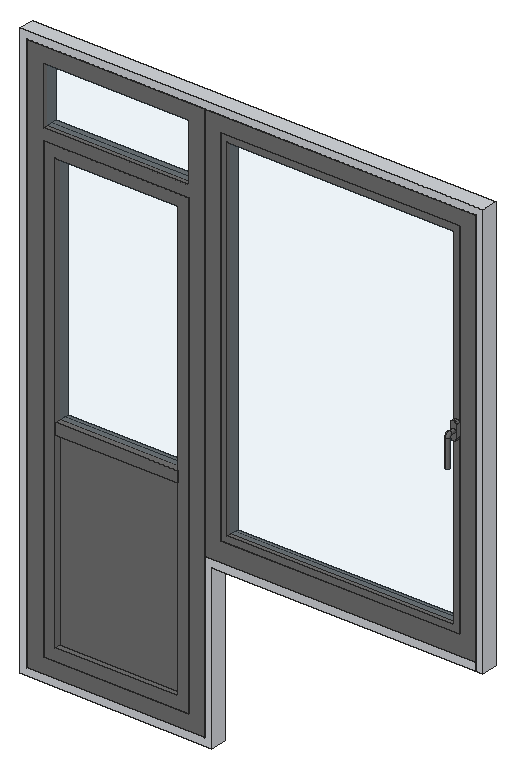
Revit family "AVLN_Балконный блок_Правый_Одностворчатый", category Окна, Revit 2021 (continued)
Definition of nested family "AVLN_Откосы_R19"
  Nested families
    nested 7: "Откос_R19" at (0, 100, 377.189), ADSK_Размер_Глубина <- "Глубина", built-in parameter 1001364 <- "Высота от уровня", ADSK_Группирование <- "ADSK_Группирование", ADSK_Номер секции <- "ADSK_Номер секции", ADSK_Этаж <- "ADSK_Этаж", visible <- "Видимость_7", Видимость <- "Видимость_7", Материал <- "Материал_7", ADSK_Размер_Высота <- "Высота_7", ADSK_Размер_Толщина <- "Толщина_7", ADSK_Размер_Ширина <- "Ширина_7", Отступ_Л <- "Отступ_Л", Отступ_П <- "Отступ_П", type "Откос_R19"
      with Площадь 0.7328 m², Отступ_П 0 mm, Отступ_Л 0 mm, Материал none, Видимость yes, ADSK_Этаж "", ADSK_Размер_Ширина 832 mm, ADSK_Размер_Толщина 28 mm, ADSK_Размер_Глубина 200 mm, ADSK_Размер_Высота 1416 mm, ADSK_Номер секции "", ADSK_Группирование ""
    nested 8: "Откос_R19" at (0, 100, 377.189), ADSK_Размер_Глубина <- "Глубина", built-in parameter 1001364 <- "Высота от уровня", ADSK_Группирование <- "ADSK_Группирование", ADSK_Номер секции <- "ADSK_Номер секции", ADSK_Этаж <- "ADSK_Этаж", visible <- "Видимость_8", Видимость <- "Видимость_8", Материал <- "Материал_8", ADSK_Размер_Высота <- "Высота_8", ADSK_Размер_Толщина <- "Толщина_8", ADSK_Размер_Ширина <- "Ширина_8", Отступ_Л <- "Отступ_Л", Отступ_П <- "Отступ_П", type "Откос_R19"
      with Площадь 0.7104 m², Отступ_П 0 mm, Отступ_Л 0 mm, Материал none, Видимость yes, ADSK_Этаж "", ADSK_Размер_Ширина 776 mm, ADSK_Размер_Толщина 32 mm, ADSK_Размер_Глубина 200 mm, ADSK_Размер_Высота 1388 mm, ADSK_Номер секции "", ADSK_Группирование ""
  Definition of nested family "Откос_R19"
    Parameters (values of type "Откос_R19")
      Площадь [instance] = (ADSK_Размер_Ширина + 2 * ADSK_Размер_Высота) * ADSK_Размер_Глубина  # 2.93564 m²
      Отступ_П [instance] = 0 mm
      Отступ_Л [instance] = 0 mm
      Материал [instance] = none
      Model = "Внутренний слой откоса"  # constant formula
      Видимость [instance] = yes
      ADSK_Этаж [instance] = ""
      ADSK_Размер_Ширина [instance] = 1880 mm
      ADSK_Размер_Толщина [instance] = 164.158 mm
      ADSK_Размер_Глубина [instance] = 560 mm
      ADSK_Размер_Высота [instance] = 1681.106 mm
      ADSK_Примечание = ""
      ADSK_Обозначение = ""
      ADSK_Номер секции [instance] = ""
      ADSK_Наименование = ""
      ADSK_Марка = ""
      ADSK_Группирование [instance] = ""
    Reference planes
      plane 1 "По центру (Вперед/Назад)": y = 0
      plane 2: z = 0
      plane 3 "По центру (Влево/Вправо)": x = 0
      plane 4: x = -940
      plane 5: x = 940
      plane 6: y = 280
      plane 7: y = -280
      plane 8: x = -775.842
      plane 9: z = 1681.106
      plane 10: z = 0
      plane 11: z = 0
    Forms (mm)
      Sweep 1, solid, material <- "Материал", visible <- "Видимость"
        path origin (0, 0, 0) x (1, 0, 0) y (0, 0, 1)
          loop
            line (940, 0) -> (940, 1681.106) -> (-940, 1681.106) -> (-940, 0)
        profile origin (-940, 0, 840.553) x (0, -1, 0) y (1, 0, 0)
          loop
            line (-280, 0) -> (280, 0) -> (280, 164.158) -> (-280, 164.158) -> (-280, 0)
    Dimensions and locks
      equal spacing: plane 6, plane 1 "По центру (Вперед/Назад)", plane 7
      equal spacing: plane 4, plane 3 "По центру (Влево/Вправо)", plane 5
      "ADSK_Размер_Толщина": plane 4 to plane 8
      "ADSK_Размер_Глубина": plane 6 to plane 7
      "ADSK_Размер_Высота": plane 9 to level
      "ADSK_Размер_Ширина": plane 5 to plane 4
      "Отступ_Л": plane 10 to level
      "Отступ_П": plane 11 to level
      aligned and locked: level to plane 2
      aligned and locked: Sweep 1 sketch curve to plane 4
      aligned and locked: Sweep 1 sketch curve to plane 9
      aligned and locked: Sweep 1 sketch curve to plane 5
      aligned and locked: plane 6 to Sweep 1 sketch curve
      aligned and locked: profile plane to Sweep 1 sketch curve
      aligned and locked: Sweep 1 sketch curve to plane 7
      aligned and locked: plane 8 to Sweep 1 sketch curve
      aligned and locked: plane 10 to Sweep 1 sketch curve
      aligned and locked: plane 11 to Sweep 1 sketch curve
Definition of nested family "АС-Обозначение на плане двупольная"
  Parameters (values of type "АС-Стандарт")
    Открывание двери 90 = not(Открывание двери 30)  # no
    Открывание двери 30 = yes
    Монтажный зазор.Ширина сбоку [instance] = 20 mm
    Линия открывания (дуга) = not(Открывание двери 30)  # no
    Коробка.Ширина [instance] = 40 mm
    Коробка.Толщина [instance] = 80 mm
    Width [instance] = Rough Width + Коробка.Ширина + Монтажный зазор.Ширина сбоку  # 960 mm
    Thickness [instance] = 40 mm
    Rough Width [instance] = 900 mm
    Height [instance] = 2100 mm
    Default Elevation = 0 mm
    Analytic Construction = "<Нет>"
  Reference planes
    plane 1 "Center (Front/Back)": y = 0
    plane 2: z = 0
    plane 3 "Center (Left/Right)": x = 0
    plane 4 "Полотно справа": x = -20
    plane 5 "Полотно. Внутренняя сторона": y = -40
    plane 6 "Коробка. Внутренняя сторона": y = -80
    plane 7 "Коробка.Внутренняя сторона слева": x = -960
    plane 8 "Коробка. Внутренняя сторона справа": x = -60
  Lines and regions (mm)
    Masking region 1, detail levels fine
      outline origin (0, 0, 0) x (1, 0, 0) y (0, 1, 0)
        loop
          line (0, -80) -> (0, 0) -> (-20, 0) -> (-20, -80) -> (0, -80)
    Masking region 2, detail levels fine
      outline origin (0, 0, 0) x (1, 0, 0) y (0, 1, 0)
        loop
          line (-20, 0) -> (-60, 0) -> (-60, -40) -> (-70, -40) -> (-70, -80) -> (-20, -80) -> (-20, 0)
    Masking region 3, visible <- "Открывание двери 90", detail levels fine
      outline origin (0, 0, 0) x (1, 0, 0) y (0, 1, 0)
        loop
          line (-60, 0) -> (-60, 900) -> (-100, 900) -> (-100, 0) -> (-60, 0)
    Masking region 4, visible <- "Открывание двери 30", detail levels fine
      outline origin (0, 0, 0) x (1, 0, 0) y (0, 1, 0)
        loop
          line (-60, 0) -> (-839.423, 450) -> (-859.423, 415.359) -> (-80, -34.641) -> (-60, 0)
    symbolic lines, visible <- "Открывание двери 30", detail levels coarse+medium
      curve 1: line (0, 0, 0) -> (-831.384, 480, 0)
    symbolic lines, visible <- "Открывание двери 90", detail levels coarse+medium
      curve 2: line (0, 0, 0) -> (0, 960, 0)
    symbolic lines, visible <- "Линия открывания (дуга)", detail levels coarse+medium
      curve 3: arc (0, 960, 0) -> (-678.823, 678.823, 0) -> (-960, 0, 0) r 960
    symbolic lines, visible <- "Линия открывания (дуга)", detail levels fine
      curve 4: arc (-960, 0, 0) -> (-696.396, 636.396, 0) -> (-60, 900, 0) r 900
    model lines
      curve 5: line (0, 0, 0) -> (0, 0, 2100)
  Dimensions and locks
    "Thickness": plane 1 "Center (Front/Back)" to plane 5 "Полотно. Внутренняя сторона"
    plane 1 "Center (Front/Back)" to plane 6 "Коробка. Внутренняя сторона" = 80 mm
    "Коробка.Толщина": plane 6 "Коробка. Внутренняя сторона" to plane 1 "Center (Front/Back)"
    "Rough Width": plane 7 "Коробка.Внутренняя сторона слева" to plane 8 "Коробка. Внутренняя сторона справа"
    "Width": curve 1 to curve 1
    "Width": plane 1 "Center (Front/Back)" to curve 2
    locked: Masking region 2 sketch curve to Masking region 2 sketch curve at 10
    "Rough Width": plane 1 "Center (Front/Back)" to Masking region 3 sketch curve
    "Thickness": Masking region 3 sketch curve to plane 8 "Коробка. Внутренняя сторона справа"
    "Rough Width": Masking region 4 sketch curve to Masking region 4 sketch curve
    "Thickness": Masking region 4 sketch curve to Masking region 4 sketch curve
    "Height": curve 5 to level
    "Монтажный зазор.Ширина сбоку": plane 4 "Полотно справа" to plane 3 "Center (Left/Right)"
    "Коробка.Ширина": plane 8 "Коробка. Внутренняя сторона справа" to plane 4 "Полотно справа"
    "Width": radius of curve 3
    "Rough Width": radius of curve 4
    locked: curve 1 to plane 1 "Center (Front/Back)" (angle 30.00°)
    locked: Masking region 4 sketch curve to plane 1 "Center (Front/Back)" (angle 30.00°)
    aligned and locked: level to plane 2
    aligned and locked: plane 1 "Center (Front/Back)" to curve 2
    aligned and locked: plane 6 "Коробка. Внутренняя сторона" to Masking region 1 sketch curve
    aligned and locked: plane 1 "Center (Front/Back)" to Masking region 1 sketch curve
    aligned and locked: plane 4 "Полотно справа" to Masking region 1 sketch curve
    aligned and locked: Masking region 2 sketch curve to plane 4 "Полотно справа"
    aligned and locked: Masking region 2 sketch curve to plane 8 "Коробка. Внутренняя сторона справа"
    aligned and locked: Masking region 2 sketch curve to plane 6 "Коробка. Внутренняя сторона"
    aligned and locked: Masking region 2 sketch curve to plane 5 "Полотно. Внутренняя сторона"
    aligned and locked: Masking region 2 sketch curve to plane 1 "Center (Front/Back)"
    aligned and locked: plane 8 "Коробка. Внутренняя сторона справа" to curve 4
    aligned and locked: Masking region 2 to Masking region 3 sketch curve
    aligned and locked: Masking region 3 sketch curve to Masking region 2
    aligned and locked: plane 8 "Коробка. Внутренняя сторона справа" to Masking region 4 sketch curve
    aligned and locked: plane 2 to curve 5
    aligned and locked: plane 3 "Center (Left/Right)" to curve 5
    aligned and locked: Masking region 1 sketch curve to plane 3 "Center (Left/Right)"
    aligned and locked: plane 3 "Center (Left/Right)" to curve 2
  Automatic sketch dimensions
    plane 1 "Center (Front/Back)" to Masking region 4 sketch curve = 0 mm
